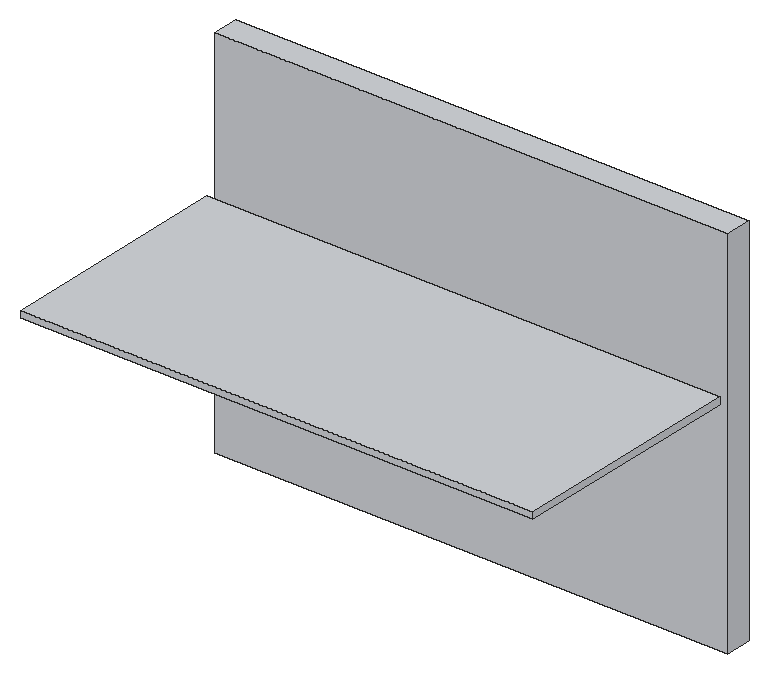
Revit family "FURN_Desks w Divider", category Furniture, Revit 2024
Family settings
  OmniClass Number = 23.40.20.00
  OmniClass Title = General Furniture and Specialties
  Work Plane-Based = No
  Enable Cutting in Views = No
  Always vertical = Yes
  Cut with Voids When Loaded = No
  Render Appearance Source = Family Geometry
  Shared = No
  Room Calculation Point = No
Parameters (values of type "Single Desk with Divider_1500 x 682.5")
  Width = 682.5 mm
  Second Desk = no
  Length = 1500 mm
  Height = 685 mm
  EA_Repath [instance] = 0 mm
  Divider_Height = 1100 mm
  Default Elevation = 0 mm
Types (2, lengths in mm): name | Second Desk
  Double Desks with Divider_1500 x 682.5 | yes
  Single Desk with Divider_1500 x 682.5 | no
Reference planes
  plane 1 "Center (Front/Back)": y = 0
  plane 2: z = 0
  plane 3 "Center (Left/Right)": x = 0
  plane 4: x = -750
  plane 5: x = 750
  plane 6: y = 37.5
  plane 7: y = 67.5
  plane 8: y = 750
  plane 9: y = -37.5
  plane 10: y = -67.5
  plane 11: y = -750
  plane 12 "Table Surface": z = 685
  plane 13: z = 1100
Forms (mm)
  Extrusion 1, solid, visible <- "Second Desk"
    sketch origin (-917.701, -1524, 685) x (-1, 0, 0) y (0, -1, 0)
      loop
        line (-167.701, -2274) -> (-167.701, -1591.5) -> (-1667.701, -1591.5) -> (-1667.701, -2274) -> (-167.701, -2274)
    from 0 to -20
  Extrusion 2, solid
    sketch origin (0, 0, 0) x (1, 0, 0) y (0, 1, 0)
      loop
        line (-750, 37.5) -> (-750, -37.5) -> (750, -37.5) -> (750, 37.5) -> (-750, 37.5)
    from 0 to 1100
  Extrusion 3, solid
    sketch origin (-917.701, -1524, 685) x (-1, 0, 0) y (0, -1, 0)
      loop
        line (-167.701, -774) -> (-1667.701, -774) -> (-1667.701, -1456.5) -> (-167.701, -1456.5) -> (-167.701, -774)
    from 0 to -20
Dimensions and locks
  plane 6 to plane 1 "Center (Front/Back)" to plane 9 = 37.5 mm locked, 37.5 mm locked
  locked: plane 7 to plane 6 at 30
  locked: plane 10 to plane 9 at 30
  "Width": plane 11 to plane 10
  "Width": plane 8 to plane 7
  equal spacing: plane 4, plane 3 "Center (Left/Right)", plane 5
  "Length": plane 4 to plane 5
  "Height": plane 12 "Table Surface" to plane 2
  "Divider_Height": plane 13 to plane 2
  aligned and locked: level to plane 2
  aligned and locked: Extrusion 1 sketch curve to plane 8
  aligned and locked: plane 4 to Extrusion 1 sketch curve
  aligned and locked: plane 7 to Extrusion 1 sketch curve
  aligned and locked: plane 5 to Extrusion 1 sketch curve
  aligned and locked: Extrusion 2 sketch curve to plane 6
  aligned and locked: plane 4 to Extrusion 2 sketch curve
  aligned and locked: Extrusion 2 sketch curve to plane 9
  aligned and locked: plane 5 to Extrusion 2 sketch curve
  aligned and locked: plane 13 to Extrusion 2
  aligned and locked: Extrusion 3 sketch curve to plane 10
  aligned and locked: plane 11 to Extrusion 3 sketch curve
  aligned and locked: Extrusion 3 sketch curve to plane 5
  aligned and locked: Extrusion 3 sketch curve to plane 4
